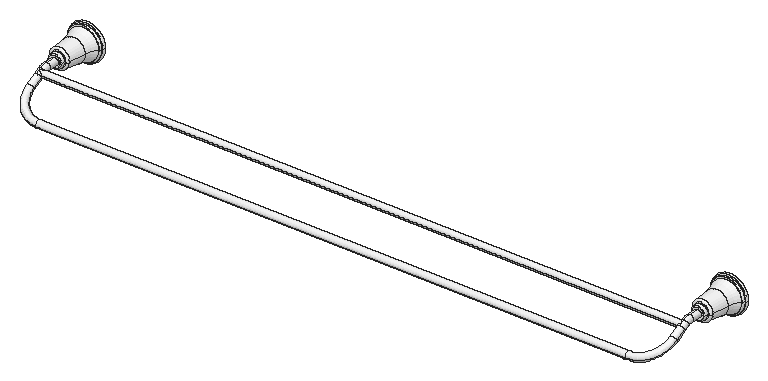
Revit family "Reece_Accessory_Posh_Canterbury_Double Towel Rail", category Plumbing Fixtures, Revit 2018
Family settings
  Round Connector Dimension = Use Diameter
  Part Type = Normal
  Work Plane-Based = Yes
  Always vertical = Yes
  Cut with Voids When Loaded = Yes
  Shared = Yes
  Room Calculation Point = Yes
Parameters (values of type "900 mm_Chrome")
  URL = "https://www.reece.com.au/product/-9508466"
  Type Comments = "Accessory"
  Reece_Product_Web Page = "https://www.reece.com.au/product/-9508466"
  Reece_Product_Type = "Accessory"  # constant formula
  Reece_Product_Sub Brand = "Canterbury"  # constant formula
  Reece_Product_Number = "9508466"
  Reece_Product_Mount = "Wall Mounted"
  Reece_Product_Description = "Posh Canterbury Double Towel Rail 900mm Chrome"
  Reece_Product_Brand = "Posh"  # constant formula
  Reece_Overall_Width = 135 mm  # constant formula
  Reece_Overall_Length [instance] = 900 mm
  Reece_Overall_Height = 62 mm  # constant formula
  Reece_Material_Main = Reece_Brass_Chrome
  Reece_Height_From_Level [instance] = 1000 mm
  Reece_Detail_Installation = "Wall Mounted"  # constant formula
  Reece_Detail_Disclaimer = "THIS FILE IS THE PROPERTY OF THE REECE GROUP. IT MAY NOT BE REPRODUCED, REVERSE-ENGINEERED OR MODIFIED. ANY REPUBLICATION, TRANSMISSION OR DISTRIBUTION FOR THE PURPOSE OF COMMERCIALLY EXPLOITING THE FILES IS PROHIBITED."  # constant formula
  Reece_Detail_Additional = "Double Towel Rail"  # constant formula
  Model = "Canterbury"
  Manufacturer = "Posh"
  Keynote = "Product #9508466, Reece_Accessory_Posh_Canterbury_Double Towel Rail - 900 mm_Chrome"
  Disclaimer = "THIS FILE IS THE PROPERTY OF THE REECE GROUP. IT MAY NOT BE REPRODUCED, REVERSE-ENGINEERED OR MODIFIED. ANY REPUBLICATION, TRANSMISSION OR DISTRIBUTION FOR THE PURPOSE OF COMMERCIALLY EXPLOITING THE FILES IS PROHIBITED."  # constant formula
  Description = "Posh Canterbury Double Towel Rail 900mm Chrome"
  Default Elevation = 0 mm
Types (9, lengths in mm): name | URL | Reece_Product_Web Page | Reece_Product_Number | Reece_Product_Description | Reece_Overall_Length | Reece_Material_Main | Keynote | Description
  750 mm_Chrome | "https://www.reece.com.au/product/-9508464" | "https://www.reece.com.au/product/-9508464" | "9508464" | "Posh Canterbury Double Towel Rail 750mm Chrome" | 750 | Reece_Brass_Chrome | "Product #9508464, Reece_Accessory_Posh_Canterbury_Double Towel Rail - 750 mm_Chrome" | "Posh Canterbury Double Towel Rail 750mm Chrome"
  750 mm_Matte Black | "https://www.reece.com.au/product/-9509193" | "https://www.reece.com.au/product/-9509193" | "9509193" | "Posh Canterbury Double Towel Rail 750mm Matte Black" | 750 | Reece_Brass_Matte Black | "Product #9509193, Reece_Accessory_Posh_Canterbury_Double Towel Rail - 750 mm_Matte Black" | "Posh Canterbury Double Towel Rail 750mm Matte Black"
  900 mm_Brass Gold | "https://www.reece.com.au/product/-9508467" | "https://www.reece.com.au/product/-9508467" | "9508467" | "Posh Canterbury Double Towel Rail 900mm Polished Brass Gold" | 900 | Reece_Brass_Gold | "Product #9508467, Reece_Accessory_Posh_Canterbury_Double Towel Rail - 900 mm_Brass Gold" | "Posh Canterbury Double Towel Rail 900mm Brass Gold"
  750 mm_Brass Gold | "https://www.reece.com.au/product/-9508465" | "https://www.reece.com.au/product/-9508465" | "9508465" | "Posh Canterbury Double Towel Rail 750mm Polished Brass Gold" | 750 | Reece_Brass_Gold | "Product #9508465, Reece_Accessory_Posh_Canterbury_Double Towel Rail - 750 mm_Brass Gold" | "Posh Canterbury Double Towel Rail 750mm Brass Gold"
  900 mm_Chrome | "https://www.reece.com.au/product/-9508466" | "https://www.reece.com.au/product/-9508466" | "9508466" | "Posh Canterbury Double Towel Rail 900mm Chrome" | 900 | Reece_Brass_Chrome | "Product #9508466, Reece_Accessory_Posh_Canterbury_Double Towel Rail - 900 mm_Chrome" | "Posh Canterbury Double Towel Rail 900mm Chrome"
  900 mm_Matte Black | "https://www.reece.com.au/product/-9509194" | "https://www.reece.com.au/product/-9509194" | "9509194" | "Posh Canterbury Double Towel Rail 900mm Matte Black" | 900 | Reece_Brass_Matte Black | "Product #9509194, Reece_Accessory_Posh_Canterbury_Double Towel Rail - 900 mm_Matte Black" | "Posh Canterbury Double Towel Rail 900mm Matte Black"
  300 mm_Brass Gold | "https://www.reece.com.au/product/-9508463" | "https://www.reece.com.au/product/-9508463" | "9508463" | "Posh Canterbury Double Towel Rail 300mm Polished Brass Gold" | 300 | Reece_Brass_Gold | "Product #9508463, Reece_Accessory_Posh_Canterbury_Double Towel Rail - 300 mm_Brass Gold" | "Posh Canterbury Double Towel Rail 300mm Brass Gold"
  300 mm_Chrome | "https://www.reece.com.au/product/-9508462" | "https://www.reece.com.au/product/-9508462" | "9508462" | "Posh Canterbury Double Towel Rail 300mm Chrome" | 300 | Reece_Brass_Chrome | "Product #9508462, Reece_Accessory_Posh_Canterbury_Double Towel Rail - 300 mm_Chrome" | "Posh Canterbury Double Towel Rail 300mm Chrome"
  300 mm_Matte Black | "https://www.reece.com.au/product/-9509192" | "https://www.reece.com.au/product/-9509192" | "9509192" | "Posh Canterbury Double Towel Rail 300mm Matte Black" | 300 | Reece_Brass_Matte Black | "Product #9509192, Reece_Accessory_Posh_Canterbury_Double Towel Rail - 300 mm_Matte Black" | "Posh Canterbury Double Towel Rail 300mm Matte Black"
Reference planes
  plane 1 "Center (Front/Back)": y = 0
  plane 2 "Bottom Host Plane": z = -5
  plane 3 "Center (Left/Right)": x = 0
  plane 4 "Height From Floor": z = 1000
  plane 5 "Top": z = 1025
  plane 6 "Bottom": z = 963
  plane 7: x = 450
  plane 8: x = -450
  plane 9: y = -135
  plane 10 "a": x = -445.25
  plane 11 "b": x = 445.25
Lines and regions (mm)
  model lines, style "InvisibleLines"
    curve 1: line (0, 0, -5) -> (0, 0, 1000)
Text (mm)
  text "Reece ©" at (2668.853, -2395.367, 2952.593), in view "Reece Preview"
  text "Reece Copyright © 2018, Reece Ltd." at (-247.475, -190.626, 0), in view "Ref. Level"
Dimensions and locks
  plane 2 "Bottom Host Plane" to level = 5 mm
  locked: level to plane 2 "Bottom Host Plane" at 5
  "Reece_Height_From_Level": plane 4 "Height From Floor" to level
  "Reece_Overall_Height": plane 5 "Top" to plane 6 "Bottom"
  equal spacing: plane 8, plane 3 "Center (Left/Right)", plane 7
  "Reece_Overall_Length": plane 8 to plane 7
  plane 5 "Top" to plane 4 "Height From Floor" = 25 mm
  "Reece_Overall_Width": plane 9 to plane 1 "Center (Front/Back)"
  locked: plane 8 to plane 10 "a" at 4.75
  locked: plane 11 "b" to plane 7 at 4.75
  aligned and locked: plane 2 "Bottom Host Plane" to curve 1
  aligned and locked: plane 4 "Height From Floor" to curve 1
  aligned and locked: plane 3 "Center (Left/Right)" to nested 1
  aligned and locked: plane 4 "Height From Floor" to nested 1
Automatic sketch dimensions
  curve 1 to plane 3 "Center (Left/Right)" = 0 mm
Nested families
  nested 1: "Reece_Accessory_Posh_Canterbury_Double Towel Rail_Nested" at (0, 0, 963), Reece_Material_Main <- "Reece_Material_Main", Reece_Overall_Length <- "Reece_Overall_Length", type "750 mm_Chrome"
    with Reece_Overall_Length 900 mm, Reece_Material_Main Reece_Brass_Chrome
Definition of nested family "Reece_Accessory_Posh_Canterbury_Double Towel Rail_Nested"
  Parameters (values of type "750 mm_Chrome")
    Reece_Overall_Width = 135 mm  # constant formula
    Reece_Overall_Length [instance] = 750 mm
    Reece_Overall_Height = 62 mm  # constant formula
    Reece_Material_Main [instance] = none
    Default Elevation = 0 mm
  Reference planes
    plane 1 "Center (Front/Back)": y = 0
    plane 2 "Bottom Host Plane": z = 0
    plane 3 "Center (Left/Right)": x = 0
    plane 4 "Height From Floor": z = 37
    plane 5 "Top": z = 62
    plane 6 "Bottom": z = 0
    plane 7: x = 375
    plane 8: x = -375
    plane 9: y = -135
    plane 10 "a": x = -370.25
    plane 11 "b": x = 370.25
    plane 12: z = 34.971
  Forms (mm)
    Revolve 1, solid, material <- "Reece_Material_Main"
      sketch origin (0, 0, 37) x (-1, 0, 0) y (0, -1, 0)
        loop
          line (-395.25, 0) -> (-370.25, 0) -> (-370.25, 56.516) -> (-378.453, 56.516)
          arc (-378.453, 56.516) -> (-378.866, 56.393) -> (-379.143, 56.062) r 0.751
          arc (-379.143, 56.062) -> (-379.711, 53.011) -> (-378.911, 50.011) r 7.033
          line (-378.911, 50.011) -> (-381.36, 50.011)
          arc (-381.36, 50.011) -> (-383.083, 49.335) -> (-383.885, 47.668) r 2.532
          arc (-383.885, 47.668) -> (-384.902, 35.886) -> (-386.192, 24.131) r 508.618
          arc (-386.192, 24.131) -> (-388.06, 15.378) -> (-391.455, 7.098) r 50.139
          arc (-391.455, 7.098) -> (-392.054, 7.102) -> (-392.545, 6.76) r 0.989
          arc (-392.545, 6.76) -> (-393.254, 5.387) -> (-393.437, 3.853) r 4.347
          arc (-393.437, 3.853) -> (-394.092, 3.751) -> (-394.561, 3.283) r 1.071
          arc (-394.561, 3.283) -> (-395.127, 1.688) -> (-395.25, 0) r 6.319
        axis (-370.25, 0) -> (-370.25, 56.516)
      angle from 0 to 360
    Revolve 2, solid, material <- "Reece_Material_Main"
      sketch origin (0, 0, 37) x (1, 0, 0) y (0, -1, 0)
        loop
          line (-395.25, 0) -> (-370.25, 0) -> (-370.25, 56.516) -> (-378.453, 56.516)
          arc (-378.453, 56.516) -> (-378.866, 56.393) -> (-379.143, 56.062) r 0.751
          arc (-379.143, 56.062) -> (-379.711, 53.011) -> (-378.911, 50.011) r 7.033
          line (-378.911, 50.011) -> (-381.36, 50.011)
          arc (-381.36, 50.011) -> (-383.083, 49.335) -> (-383.885, 47.668) r 2.532
          arc (-383.885, 47.668) -> (-384.902, 35.886) -> (-386.192, 24.131) r 508.618
          arc (-386.192, 24.131) -> (-388.06, 15.378) -> (-391.455, 7.098) r 50.139
          arc (-391.455, 7.098) -> (-392.054, 7.102) -> (-392.545, 6.76) r 0.989
          arc (-392.545, 6.76) -> (-393.254, 5.387) -> (-393.437, 3.853) r 4.347
          arc (-393.437, 3.853) -> (-394.092, 3.751) -> (-394.561, 3.283) r 1.071
          arc (-394.561, 3.283) -> (-395.127, 1.688) -> (-395.25, 0) r 6.319
        axis (-370.25, 0) -> (-370.25, 56.516)
      angle from 0 to 360
    Sweep 3, solid, material <- "Reece_Material_Main"
      path origin (0, -453.976, -176.691) x (0, 0.866025, 0.5) y (-1, 0, 0)
        loop
          line (423.324, 375) -> (408.324, 375)
          arc (408.324, 375) -> (378.625, 362.698) -> (366.324, 333) r 42
          line (366.324, 333) -> (366.324, -333)
          arc (366.324, -333) -> (378.625, -362.698) -> (408.324, -375) r 42
          line (408.324, -375) -> (423.324, -375)
      profile origin (-375, -93.862, 31.221) x (1, 0, 0) y (0, -0.5, 0.866025)
        loop
          circle (4.75, -4.75) r 4.75
    Sweep 4, solid, material <- "Reece_Material_Main"
      path origin (0, 43.23, 37) x (-1, 0, 0) y (0, -1, 0)
        loop
          line (370.25, 128.574) -> (-370.25, 128.574)
      profile origin (0, -85.344, 37) x (0, 1, 0) y (0, 0, 1)
        loop
          circle (4.75, -3.607) r 4.6
    Sweep 5, solid, material <- "Reece_Material_Main"
      path origin (370.25, 0, -963) x (0, -1, 0) y (0, 0, 1)
        loop
          line (51.222, 1004.75) -> (70.266, 1004.75)
          arc (70.266, 1004.75) -> (75.442, 1004.069) -> (80.266, 1002.071) r 20
          line (80.266, 1002.071) -> (87.367, 997.971)
      profile origin (370.25, -60.744, 41.75) x (0, 0, -1) y (1, 0, 0)
        loop
          circle (4.75, 0) r 4.75
    Sweep 6, solid, material <- "Reece_Material_Main"
      path origin (-370.25, 0, -963) x (0, -1, 0) y (0, 0, 1)
        loop
          line (51.222, 1004.75) -> (70.266, 1004.75)
          arc (70.266, 1004.75) -> (75.442, 1004.069) -> (80.266, 1002.071) r 20
          line (80.266, 1002.071) -> (87.367, 997.971)
      profile origin (-370.25, -60.744, 41.75) x (0, 0, 1) y (-1, 0, 0)
        loop
          circle (-4.75, 0) r 4.75
  Cuts and joins
    joined: Revolve 1, Revolve 2, Sweep 3, Sweep 4, Sweep 5, Sweep 6
  Text (mm)
    text "Reece ©" at (2668.853, -2395.367, 2952.593), in view "Reece Preview"
    text "Reece Copyright © 2018, Reece Ltd." at (-247.475, -190.626, 0), in view "Ref. Level"
  Dimensions and locks
    plane 2 "Bottom Host Plane" to level = 0 mm
    level to plane 2 "Bottom Host Plane" = 0 mm
    "Reece_Overall_Height": plane 5 "Top" to plane 6 "Bottom"
    equal spacing: plane 8, plane 3 "Center (Left/Right)", plane 7
    "Reece_Overall_Length": plane 8 to plane 7
    plane 5 "Top" to plane 4 "Height From Floor" = 25 mm
    "Reece_Overall_Width": plane 9 to plane 1 "Center (Front/Back)"
    locked: plane 8 to plane 10 "a" at 4.75
    locked: plane 11 "b" to plane 7 at 4.75
    plane 4 "Height From Floor" to Sweep 3 sketch curve to Sweep 3 sketch curve to Sweep 3 sketch curve = 2.029 mm, 7.5 mm locked, 21 mm locked  (x2)
    locked: plane 4 "Height From Floor" to plane 12 at 2.029
    aligned and locked: Sweep 6 to Sweep 6
    aligned and locked: cut or joined group of Revolve 1, Revolve 2, Sweep 3, Sweep 4, Sweep 5, Sweep 6 to Sweep 3 sketch curve
    aligned and locked: Sweep 3 sketch curve to cut or joined group of Revolve 1, Revolve 2, Sweep 3, Sweep 4, Sweep 5, Sweep 6
    aligned and locked: plane 12 to cut or joined group of Revolve 1, Revolve 2, Sweep 3, Sweep 4, Sweep 5, Sweep 6  (x2)
  Automatic sketch dimensions
    plane 1 "Center (Front/Back)" to Revolve 1 sketch curve = 0 mm
    Revolve 1 sketch curve to plane 11 "b" = 0 mm  (x2)
    Revolve 1 sketch curve to plane 7 = 2.316 mm
    plane 7 to Revolve 1 sketch curve = 3.453 mm
    plane 7 to Revolve 1 sketch curve = 3.911 mm
    Revolve 1 sketch curve to Revolve 1 sketch curve = 2.449 mm
    plane 1 "Center (Front/Back)" to Revolve 1 sketch curve = 0.391 mm
    plane 7 to Revolve 1 sketch curve = 13.943 mm
    Revolve 1 sketch curve to Revolve 1 sketch curve = 0.155 mm
    Revolve 1 sketch curve to Revolve 1 sketch curve = 2.662 mm
    Revolve 1 sketch curve to Revolve 1 sketch curve = 1.846 mm
    Revolve 1 sketch curve to Revolve 1 sketch curve = 1.643 mm
    plane 1 "Center (Front/Back)" to Revolve 1 sketch curve = 30.18 mm
    Revolve 1 sketch curve to Revolve 1 sketch curve = 44.204 mm
    plane 9 to Revolve 1 sketch curve = 49.499 mm
    Revolve 1 sketch curve to Revolve 1 sketch curve = 455.129 mm
    plane 1 "Center (Front/Back)" to Revolve 1 sketch curve = 2.795 mm
    Revolve 1 sketch curve to Revolve 1 sketch curve = 3.721 mm
    Revolve 1 sketch curve to Revolve 1 sketch curve = 2.045 mm
    Revolve 1 sketch curve to Revolve 1 sketch curve = 41.322 mm
    Revolve 1 sketch curve to Revolve 1 sketch curve = 2.532 mm
    Revolve 1 sketch curve to Revolve 1 sketch curve = 3.269 mm
    Revolve 1 sketch curve to Revolve 1 sketch curve = 5.754 mm
    Revolve 1 sketch curve to Revolve 1 sketch curve = 0.751 mm
    Revolve 1 sketch curve to Revolve 1 sketch curve = 0 mm  (x3)
    Revolve 1 sketch curve to Revolve 1 sketch curve = 0.306 mm
    Revolve 1 sketch curve to Revolve 1 sketch curve = 0.17 mm
    Revolve 1 sketch curve to plane 1 "Center (Front/Back)" = 12.283 mm
    Revolve 1 sketch curve to Revolve 1 sketch curve = 0.301 mm
    plane 1 "Center (Front/Back)" to Revolve 2 sketch curve = 0 mm
    Revolve 2 sketch curve to plane 10 "a" = 0 mm  (x2)
    plane 8 to Revolve 2 sketch curve = 2.316 mm
    Revolve 2 sketch curve to plane 8 = 3.453 mm
    Revolve 2 sketch curve to plane 8 = 3.911 mm
    Revolve 2 sketch curve to Revolve 2 sketch curve = 2.449 mm
    Revolve 2 sketch curve to plane 1 "Center (Front/Back)" = 0.391 mm
    Revolve 2 sketch curve to plane 8 = 13.943 mm
    Revolve 2 sketch curve to Revolve 2 sketch curve = 0.155 mm
    Revolve 2 sketch curve to Revolve 2 sketch curve = 2.662 mm
    Revolve 2 sketch curve to Revolve 2 sketch curve = 1.846 mm
    Revolve 2 sketch curve to Revolve 2 sketch curve = 1.643 mm
    Revolve 2 sketch curve to plane 1 "Center (Front/Back)" = 30.18 mm
    Revolve 2 sketch curve to Revolve 2 sketch curve = 44.204 mm
    Revolve 2 sketch curve to plane 9 = 49.499 mm
    Revolve 2 sketch curve to Revolve 2 sketch curve = 455.129 mm
    Revolve 2 sketch curve to plane 1 "Center (Front/Back)" = 2.795 mm
    Revolve 2 sketch curve to Revolve 2 sketch curve = 3.721 mm
    Revolve 2 sketch curve to Revolve 2 sketch curve = 2.045 mm
    Revolve 2 sketch curve to Revolve 2 sketch curve = 41.322 mm
    Revolve 2 sketch curve to Revolve 2 sketch curve = 2.532 mm
    Revolve 2 sketch curve to Revolve 2 sketch curve = 3.269 mm
    Revolve 2 sketch curve to Revolve 2 sketch curve = 5.754 mm
    Revolve 2 sketch curve to Revolve 2 sketch curve = 0.751 mm
    Revolve 2 sketch curve to Revolve 2 sketch curve = 0 mm  (x3)
    Revolve 2 sketch curve to Revolve 2 sketch curve = 0.306 mm
    Revolve 2 sketch curve to Revolve 2 sketch curve = 0.17 mm
    plane 1 "Center (Front/Back)" to Revolve 2 sketch curve = 12.283 mm
    Revolve 2 sketch curve to Revolve 2 sketch curve = 0.301 mm
    Sweep 3 sketch curve to profile plane = 4.75 mm  (x2)
    Sweep 4 sketch curve to plane 11 "b" = 0 mm
    Sweep 4 sketch curve to plane 10 "a" = 0 mm
    plane 9 to Sweep 4 sketch curve = 49.656 mm
    Sweep 4 sketch curve to profile plane = 4.75 mm
    Sweep 4 sketch curve to plane 4 "Height From Floor" = 3.607 mm
    plane 4 "Height From Floor" to Sweep 5 sketch curve = 15.25 mm
    Sweep 5 sketch curve to plane 9 = 64.734 mm
    Sweep 5 sketch curve to plane 4 "Height From Floor" = 2.071 mm
    Sweep 5 sketch curve to Sweep 5 sketch curve = 10 mm
    Sweep 5 sketch curve to Sweep 5 sketch curve = 19.044 mm
    plane 4 "Height From Floor" to Sweep 5 sketch curve = 2.029 mm
    Sweep 5 sketch curve to Sweep 5 sketch curve = 7.101 mm
    Sweep 5 sketch curve to plane 11 "b" = 0 mm
    Sweep 5 sketch curve to profile plane = 4.75 mm
    profile plane to Sweep 6 sketch curve = 0 mm
    profile plane to Sweep 6 sketch curve = 4.75 mm
    Sweep 6 sketch curve to plane 4 "Height From Floor" = 15.25 mm
    plane 9 to Sweep 6 sketch curve = 64.734 mm
    plane 4 "Height From Floor" to Sweep 6 sketch curve = 2.071 mm
    Sweep 6 sketch curve to Sweep 6 sketch curve = 10 mm
    Sweep 6 sketch curve to Sweep 6 sketch curve = 19.044 mm
    Sweep 6 sketch curve to plane 4 "Height From Floor" = 2.029 mm
    Sweep 6 sketch curve to Sweep 6 sketch curve = 7.101 mm
    Sweep 3 sketch curve to plane 8 = 0 mm
    Sweep 3 sketch curve to plane 7 = 0 mm
    Sweep 3 sketch curve to plane 10 "a" = 37.25 mm
    Sweep 3 sketch curve to Sweep 3 sketch curve = 15 mm  (x2)
    radius of Sweep 3 sketch curve = 4.75 mm
    radius of Sweep 4 sketch curve = 4.6 mm
    radius of Sweep 5 sketch curve = 4.75 mm
    radius of Sweep 6 sketch curve = 4.75 mm
